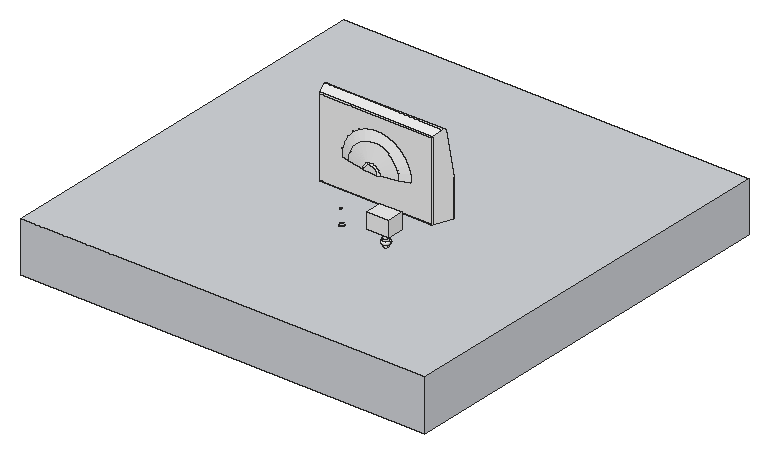
Revit family
Parameters
  Waste Connection Radius = Waste Connection NPT / 2  # 0' - 0 5/8"
  Waste Connection NPT = 1 1/4"
  Waste Connection = yes
  WFU = 0
  Voltage = 120 V
  Vent Connection = yes
  URL = "http://www.totousa.com"
  Sink Material = Fireclay
  Shipping Weight = 61.00 lbf
  Series = "Neorest"
  Product URL = "http://www.totousa.com/Default.aspx?TabId=75&ProductId=b2664eff-20de-4aec-bf9e-48c102102f95&SearchId=c0c43037-4d28-4f79-a274-a180bd8088f3&PTab=2&STab=0"
  Number of Poles = 1
  Nominal Width = 2' - 5 1/2"  # constant formula
  Nominal Height = 0' - 4 3/4"  # constant formula
  Nominal Depth = 1' - 7 5/8"  # constant formula
  Model = "LFC991G"
  Manufacturer = "TOTO"
  Hot Water Connection Radius = Hot Water Connection NPT / 2  # 0' - 0 1/4"
  Hot Water Connection NPT = 1/2"
  HWFU = 0
  HW Connection = yes
  Frequency = 60 Hz
  Flow Pressure [instance] = 0.00 psi
  Faucet Material = Polished Chrome
  Description = "Lavatory with Faucet and Control"
  Default Elevation = 2' - 10"
  Current [instance] = 0 A
  Cold Water Connection Radius = Cold Water Connection NPT / 2  # 0' - 0 1/4"
  Cold Water Connection NPT = 1/2"
  CWFU = 0
  CW Connection = yes
  CADworks URL = "http://www.CADworks.net"
  Assembly Code = "D2010310"
  Apparent Power [instance] = Voltage * Current  # 0 VA
  ADA Compliant = yes
Reference planes (in)
  plane 1 "Center (Front/Back)": y = 0
  plane 2: z = 0
  plane 3 "Center (Left/Right)": x = 0
  plane 4: x = 14.75
  plane 5: x = -14.75
  plane 6 "Default Elevation": y = 2.375
  plane 7: y = -2.375
  plane 8: z = 19.625
  plane 9: z = 7.25
  plane 10: y = -12.625
  plane 11: y = -7.875
  plane 12: x = 4
  plane 13: x = -4
  plane 14: z = 3.58973
  plane 15: z = 18.21473
  plane 16: x = 13.75
  plane 17: x = -13.75
  plane 18: z = 4.58973
  plane 19: z = 19.21473
  plane 20: y = -15
  plane 21: x = 11.5
  plane 22: y = -13.875
Forms (in)
  Extrusion 1, solid
    sketch origin (0, 0, 0) x (1, 0, 0) y (0, 1, 0)
      loop
        line (-48, 48) -> (-48, -48) -> (48, -48) -> (48, 48) -> (-48, 48)
    from 0 to -12
  Extrusion 2, solid, material "Fireclay" <- "Sink Material"
    sketch origin (1.5, -0.09905, 0.00114) x (0, 1, 0) y (0, 0, 1)
      loop
        arc (-2.27595, 0.12839) -> (-2.23801, 0.0368) -> (-2.14642, -0.00114) r 0.12954
        line (-2.14642, -0.00114) -> (2.34451, -0.00114)
        arc (2.34451, -0.00114) -> (2.4361, 0.0368) -> (2.47405, 0.12839) r 0.12954
        line (2.47405, 0.12839) -> (2.47405, 3.29894)
        arc (2.47405, 3.29894) -> (1.98023, 11.3834) -> (0.50613, 19.34766) r 66.424
        arc (0.50613, 19.34766) -> (0.30426, 19.60713) -> (-0.02356, 19.63187) r 0.40571
        line (-0.02356, 19.63187) -> (-2.16052, 18.87157)
        arc (-2.16052, 18.87157) -> (-2.24419, 18.80808) -> (-2.27595, 18.70797) r 0.17364
        line (-2.27595, 18.70797) -> (-2.27595, 0.12839)
    from 13.25 to -16.25
  Extrusion 3, void
    sketch origin (0, 0, 0) x (1, 0, 0) y (0, 1, 0)
      loop
        line (-14.81007, 3.375) -> (-14.81007, -3.03336) -> (16.06493, -3.03336) -> (16.06493, 3.375) -> (-14.81007, 3.375)
      loop
        arc (-13.43072, -2.32102) -> (-13.35519, -2.40545) -> (-13.24632, -2.43679) r 0.20473
        line (-13.24632, -2.43679) -> (13.1423, -2.43679)
        arc (13.1423, -2.43679) -> (13.2348, -2.40321) -> (13.28419, -2.31809) r 0.14415
        line (13.28419, -2.31809) -> (14.73754, 2.13499)
        arc (14.73754, 2.13499) -> (14.71153, 2.29942) -> (14.56321, 2.375) r 0.18332
        line (14.56321, 2.375) -> (-14.50968, 2.375)
        arc (-14.50968, 2.375) -> (-14.71395, 2.25337) -> (-14.70435, 2.01582) r 0.23234
        line (-14.70435, 2.01582) -> (-13.43072, -2.32102)
    from 25.03885 to 0
  Extrusion 4, void
    sketch origin (-0.29688, 0, 1) x (1, 0, 0) y (0, 0, 1)
      loop
        arc (13.45154, 17.52484) -> (13.337, 17.77751) -> (13.07955, 17.88086) r 0.37235
        line (13.07955, 17.88086) -> (-12.47996, 17.88086)
        arc (-12.47996, 17.88086) -> (-12.74572, 17.77415) -> (-12.86388, 17.51328) r 0.38429
        line (-12.86388, 17.51328) -> (-13.45244, 3.98638)
        arc (-13.45244, 3.98638) -> (-13.34725, 3.70698) -> (-13.07268, 3.58973) r 0.38012
        line (-13.07268, 3.58973) -> (13.66356, 3.58973)
        arc (13.66356, 3.58973) -> (13.93995, 3.70779) -> (14.04577, 3.98909) r 0.38258
        line (14.04577, 3.98909) -> (13.45154, 17.52484)
    from 0.67462 to -2.375
  Extrusion 5, solid, material "Polished Chrome" <- "Faucet Material"
    sketch origin (0, -1.04816, 0) x (1, 0, 0) y (0, 0, 1)
      loop
        line (-1.62049, 8.14734) -> (-1.62049, 5.85334)
        arc (-1.62049, 5.85334) -> (-1.51383, 5.59584) -> (-1.25633, 5.48918) r 0.36417
        line (-1.25633, 5.48918) -> (1.1558, 5.48918)
        arc (1.1558, 5.48918) -> (1.42012, 5.59866) -> (1.5296, 5.86298) r 0.3738
        line (1.5296, 5.86298) -> (1.5296, 8.12935)
        arc (1.5296, 8.12935) -> (1.41933, 8.39557) -> (1.15311, 8.50585) r 0.37649
        line (1.15311, 8.50585) -> (-1.26199, 8.50585)
        arc (-1.26199, 8.50585) -> (-1.51549, 8.40084) -> (-1.62049, 8.14734) r 0.35851
    from 0.97244 to 0.91155
  Extrusion 6, solid, material "Polished Chrome" <- "Faucet Material", detail levels fine
    sketch origin (0, 0, 0) x (1, 0, 0) y (0, 1, 0)
      loop
        circle (0, -12.625) r 0.625
    from 0 to -0.25
  Extrusion 7, solid, material "Polished Chrome" <- "Faucet Material", detail levels fine
    sketch origin (0, 0, -1.99736) x (1, 0, 0) y (0, 1, 0)
      loop
        circle (-4, -7.875) r 0.25
      loop
        circle (4, -7.875) r 0.25
    from 1.74736 to 1.99736
  Extrusion 8, solid, material "Control Box", detail levels medium+fine
    sketch origin (-4, 0, 2.08973) x (1, 0, 0) y (0, 1, 0)
      loop
        line (17, -15) -> (17, -10.9881) -> (11.75, -10.9881) -> (11.75, -15) -> (17, -15)
    from 0.7541 to 4.41027
  Revolve 9, solid, material "Control Box", detail levels medium+fine
    sketch origin (0, -13.875, -24) x (0, 0, 1) y (1, 0, 0)
      loop
        line (26.84384, 11.5) -> (24, 11.5) -> (24, 11) -> (24.75, 11) -> (24.75, 10.75)
        arc (24.75, 10.75) -> (25, 10.5) -> (25.25, 10.75) r 0.25
        line (25.25, 10.75) -> (25.25, 11) -> (25.5, 11) -> (25.5, 10.75) -> (25.75, 10.75) -> (25.75, 11) -> (26.84384, 11) -> (26.84384, 11.5)
      axis (26.84384, 11.5) -> (24, 11.5)
    angle from 0 to 360
  Revolve 10, solid, material "Fireclay" <- "Sink Material"
    sketch origin (-100.9734, -180, 7.25) x (0, -1, 0) y (1, 0, 0)
      loop
        line (-175.92514, 100.9734) -> (-177.625, 100.9734) -> (-177.625, 92.68193) -> (-176.83916, 94.9668) -> (-176.16854, 98.9497)
        arc (-176.16854, 98.9497) -> (-176.062, 99.1798) -> (-175.92514, 99.39327) r 1.85945
        line (-175.92514, 99.39327) -> (-175.92514, 100.9734)
      axis (-175.92514, 100.97625) -> (-177.625, 100.97625)
    angle from 0 to -180
  Extrusion 11, void
    sketch origin (0, 0.07812, 0) x (1, 0, 0) y (0, 1, 0)
      loop
        arc (-13.74968, -0.73712) -> (-0.00021, -2.21059) -> (13.74926, -0.73712) r 64.88745
        line (13.74926, -0.73712) -> (-13.74968, -0.73712)
    from 18.88086 to 4.58973
  Extrusion 12, solid, material "Polished Chrome" <- "Faucet Material"
    sketch origin (0, 0, 0) x (0, 1, 0) y (0, 0, 1)
      loop
        line (1.5098, 4.74102) -> (1.5098, 4.58973) -> (2.375, 4.58973) -> (2.375, 1.83972) -> (2.68426, 1.83972) -> (2.68426, 4.74102) -> (1.5098, 4.74102)
    from 2.33385 to -2.33385
Cuts and joins
  Extrusion 3, Extrusion 4, Extrusion 11 cuts Extrusion 2
Lines and regions (in)
  Masking region 1
    outline origin (0, -15, -24) x (0, 0, 1) y (1, 0, 0)
      loop
        spline (43.35681, 14.17311) -> (42.46421, 14.24357) -> (41.56842, 14.30999) -> (40.66961, 14.37237) -> (39.76797, 14.4307) -> (38.8637, 14.48496) -> (37.95699, 14.53513) -> (37.04802, 14.58122) -> (36.137, 14.62321) -> (35.2241, 14.66109) -> (34.30953, 14.69485) -> (33.39347, 14.72449) -> (32.47612, 14.75)
        line (32.47612, 14.75) -> (24, 14.75) -> (24, -14.70435) -> (34.19842, -14.70435)
        spline (34.19842, -14.70435) -> (34.97112, -14.6793) -> (35.74269, -14.65161) -> (36.513, -14.62127) -> (37.28195, -14.5883) -> (38.04942, -14.5527) -> (38.81529, -14.51447) -> (39.57946, -14.47362) -> (40.34181, -14.43015) -> (41.10223, -14.38408) -> (41.86061, -14.33541) -> (42.61683, -14.28414) -> (43.37078, -14.23029)
        spline (43.37078, -14.23029) -> (43.42363, -14.22395) -> (43.47296, -14.21565) -> (43.51788, -14.20555) -> (43.55757, -14.19383) -> (43.59131, -14.18071) -> (43.61847, -14.16643) -> (43.63856, -14.15124) -> (43.65122, -14.13542) -> (43.65621, -14.11927) -> (43.65345, -14.10308) -> (43.64298, -14.08714) -> (43.625, -14.07174)
        line (43.625, -14.07174) -> (43.625, 13.9961)
        spline (43.625, 13.9961) -> (43.64318, 14.01348) -> (43.65353, 14.03146) -> (43.65588, 14.04972) -> (43.65017, 14.0679) -> (43.63652, 14.08567) -> (43.61517, 14.10269) -> (43.58653, 14.11866) -> (43.55113, 14.13327) -> (43.50964, 14.14624) -> (43.46282, 14.15734) -> (43.41156, 14.16635) -> (43.35681, 14.17311)
  symbolic lines
    curve 1: line (13.36669, 2.375, 4.58973) -> (2.32666, 2.375, 4.58973)
    curve 2: line (-13.74932, 2.375, 4.98638) -> (-13.16076, 2.375, 18.51328)
    curve 3: arc (-13.74932, 2.375, 4.98638) -> (-13.64412, 2.375, 4.70698) -> (-13.36956, 2.375, 4.58973) r 0.38012
    curve 4: arc (-12.77683, 2.375, 18.88086) -> (-13.04259, 2.375, 18.77415) -> (-13.16076, 2.375, 18.51328) r 0.38429
    curve 5: line (-12.77683, 2.375, 18.88086) -> (12.78267, 2.375, 18.88086)
    curve 6: arc (13.15466, 2.375, 18.52484) -> (13.04012, 2.375, 18.77751) -> (12.78267, 2.375, 18.88086) r 0.37235
    curve 7: line (13.15466, 2.375, 18.52484) -> (13.7489, 2.375, 4.98909)
    curve 8: arc (13.36669, 2.375, 4.58973) -> (13.64308, 2.375, 4.70779) -> (13.7489, 2.375, 4.98909) r 0.38258
    curve 9: line (1.5296, 2.375, 8.12935) -> (1.5296, 2.375, 5.86298)
    curve 10: arc (1.1558, 2.375, 5.48918) -> (1.42012, 2.375, 5.59866) -> (1.5296, 2.375, 5.86298) r 0.3738
    curve 11: line (1.1558, 2.375, 5.48918) -> (-1.25633, 2.375, 5.48918)
    curve 12: arc (-1.62049, 2.375, 5.85334) -> (-1.51383, 2.375, 5.59584) -> (-1.25633, 2.375, 5.48918) r 0.36417
    curve 13: line (-1.62049, 2.375, 5.85334) -> (-1.62049, 2.375, 8.14734)
    curve 14: arc (-1.26199, 2.375, 8.50585) -> (-1.51549, 2.375, 8.40084) -> (-1.62049, 2.375, 8.14734) r 0.35851
    curve 15: line (-1.26199, 2.375, 8.50585) -> (1.15311, 2.375, 8.50585)
    curve 16: arc (1.5296, 2.375, 8.12935) -> (1.41933, 2.375, 8.39557) -> (1.15311, 2.375, 8.50585) r 0.37649
    curve 17: line (-2.11803, 2.375, 4.74102) -> (2.12875, 2.375, 4.74102)
    curve 18: arc (2.33385, 2.375, 4.53592) -> (2.27378, 2.375, 4.68095) -> (2.12875, 2.375, 4.74102) r 0.20509
    curve 19: line (2.33385, 2.375, 4.53592) -> (2.33385, 2.375, 1.96329)
    curve 20: arc (2.21028, 2.375, 1.83972) -> (2.29766, 2.375, 1.87591) -> (2.33385, 2.375, 1.96329) r 0.12356
    curve 21: line (2.21028, 2.375, 1.83972) -> (-2.23798, 2.375, 1.83972)
    curve 22: arc (-2.33385, 2.375, 1.93559) -> (-2.30577, 2.375, 1.8678) -> (-2.23798, 2.375, 1.83972) r 0.09587
    curve 23: line (-2.33385, 2.375, 1.93559) -> (-2.33385, 2.375, 4.5252)
    curve 24: arc (-2.11803, 2.375, 4.74102) -> (-2.27064, 2.375, 4.6778) -> (-2.33385, 2.375, 4.5252) r 0.21582
    curve 25: line (-2.32397, 2.375, 4.58973) -> (-13.36956, 2.375, 4.58973)
Dimensions and locks (in)
  level to plane 8 = 1' - 7 5/8"  (x2)
  plane 5 to plane 4 = 2' - 5 1/2"  (x3)
  plane 6 "Default Elevation" to plane 7 = 0' - 4 3/4"
  plane 7 to plane 6 "Default Elevation" = 0' - 4 3/4"
  plane 9 to level = 0' - 7 1/4"
  plane 6 "Default Elevation" to plane 11 = 0' - 10 1/4"
  plane 13 to plane 12 = 0' - 8"
  plane 8 to level = 1' - 7 5/8"
  plane 11 to plane 6 "Default Elevation" = 0' - 10 1/4"
  plane 16 to plane 17 = 2' - 3 1/2"  (x2)
  level to Extrusion 4 sketch curve to Extrusion 4 sketch curve = 0' - 4.58973" locked, 1' - 2.29113" locked
  plane 8 to Extrusion 4 sketch curve = 0' - 0.74414"
  locked: Extrusion 3 sketch curve to Extrusion 3 sketch curve at 1
  locked: Extrusion 3 sketch curve to Extrusion 3 sketch curve at 30.875
  locked: Extrusion 3 sketch curve to Extrusion 3 sketch curve at 1.52418
  locked: cut or joined group of Extrusion 2, Extrusion 3, Extrusion 4, Extrusion 11 to Extrusion 5 sketch curve at 10.37501
  plane 19 to plane 18 = 1' - 2 5/8"  (x2)
  locked: Extrusion 2 sketch curve to Extrusion 2 sketch curve at 4.75
  locked: Extrusion 3 sketch curve to Extrusion 3 sketch curve at 0.09805
  locked: Extrusion 3 sketch curve to Extrusion 3 sketch curve at 0.59656
  Extrusion 3 sketch curve to Extrusion 3 sketch curve = 0' - 1.52418"
  Extrusion 3 sketch curve to Extrusion 3 sketch curve = 0' - 4.81179"
  plane 17 to plane 16 = 2' - 3 1/2"
  plane 18 to plane 19 = 1' - 2 5/8"
  Extrusion 1 to plane 9 = 0' - 7 1/4"
  plane 12 to plane 13 = 0' - 8"
  plane 10 to plane 11 = 0' - 4 3/4"
  plane 3 "Center (Left/Right)" to Extrusion 8 to Extrusion 8 = 0' - 7 3/4" locked, 0' - 5 1/4" locked
  locked: Extrusion 8 to plane 20 at 4.0119
  Extrusion 8 to Extrusion 8 to plane 2 = 0' - 3.65616" locked, 0' - 2.84384" locked
  locked: Extrusion 6 to plane 2 at 0.25
  locked: Extrusion 4 sketch curve to Extrusion 4 sketch curve at 0.37976
  locked: Extrusion 4 sketch curve to plane 19 at 0.70146
  locked: Extrusion 4 sketch curve to Extrusion 4 sketch curve at 0.38392
  locked: Extrusion 4 sketch curve to plane 16 at 0.96733
  locked: Extrusion 4 sketch curve to plane 19 at 0.68989
  locked: level to Extrusion 4 sketch curve at 4.97231
  locked: Extrusion 4 sketch curve to plane 16 at 0.0011
  locked: Extrusion 6 sketch curve to plane 3 "Center (Left/Right)" at 0
  locked: Extrusion 6 sketch curve to plane 10 at 0
  locked: Extrusion 7 sketch curve to plane 11 at 0  (x2)
  locked: Extrusion 7 sketch curve to plane 13 at 0
  locked: Extrusion 7 sketch curve to plane 12 at 0
  locked: Extrusion 11 sketch curve to plane 1 "Center (Front/Back)" at 0.659
  locked: Extrusion 11 sketch curve to plane 1 "Center (Front/Back)" at 2.13247
  Extrusion 11 sketch curve to plane 3 "Center (Left/Right)" to Extrusion 11 sketch curve = 1' - 1.74968" locked, 1' - 1.74926" locked
  locked: Extrusion 4 sketch curve to Extrusion 4 sketch curve at 0.38012
  locked: Extrusion 4 sketch curve to Extrusion 4 sketch curve at 0.38221
  locked: plane 17 to Extrusion 4 sketch curve at 0.38044
  plane 1 "Center (Front/Back)" to Extrusion 5 to Extrusion 5 = 0' - 1.95971" locked, 0' - 0.06088" locked
  locked: Revolve 10 to plane 7 at 1.69986
  locked: plane 6 "Default Elevation" to cut or joined group of Extrusion 2, Extrusion 3, Extrusion 4, Extrusion 11 at 1.85321
  locked: cut or joined group of Extrusion 2, Extrusion 3, Extrusion 4, Extrusion 11 to plane 6 "Default Elevation" at 3.034
  locked: plane 6 "Default Elevation" to cut or joined group of Extrusion 2, Extrusion 3, Extrusion 4, Extrusion 11 at 3.034
  locked: cut or joined group of Extrusion 2, Extrusion 3, Extrusion 4, Extrusion 11 to cut or joined group of Extrusion 2, Extrusion 3, Extrusion 4, Extrusion 11 at 0
  locked: cut or joined group of Extrusion 2, Extrusion 3, Extrusion 4, Extrusion 11 to plane 6 "Default Elevation" at 3.04962
  equal spacing: Extrusion 12, plane 3 "Center (Left/Right)", Extrusion 12, locked at 2.33385 each
  locked: plane 6 "Default Elevation" to Extrusion 12 at 0.30926
  Revolve 9 sketch curve to Revolve 9 sketch curve to Revolve 9 sketch curve to Revolve 9 sketch curve to Revolve 9 sketch curve to Revolve 9 sketch curve = 0' - 1.09384" locked, 0' - 0 1/4" locked, 0' - 0 1/4" locked, 0' - 0 1/2" locked, 0' - 0 3/4" locked
  "Waste Connection Radius": radius of Extrusion 6 sketch curve
  radius of Extrusion 4 sketch curve = 0' - 0.37235"
  radius of Extrusion 2 sketch curve = 5' - 6.424"
  "Hot Water Connection Radius": radius of Extrusion 7 sketch curve
  "Cold Water Connection Radius": radius of Extrusion 7 sketch curve
  aligned and locked: plane 2 to Extrusion 1
  aligned and locked: level to Extrusion 1
  aligned and locked: Extrusion 2 to Extrusion 4
  aligned and locked: Extrusion 2 to plane 4
  aligned and locked: plane 5 to Extrusion 2
  aligned and locked: Extrusion 7 to Extrusion 6
  aligned and locked: Extrusion 8 to plane 20
  aligned and locked: Revolve 9 sketch curve to plane 21
  aligned and locked: plane 1 "Center (Front/Back)" to Extrusion 4 sketch curve
  aligned and locked: Masking region 1 sketch curve to cut or joined group of Extrusion 2, Extrusion 3, Extrusion 4, Extrusion 11
  aligned and locked: curve 8 to cut or joined group of Extrusion 2, Extrusion 3, Extrusion 4, Extrusion 11  (x2)
  aligned and locked: curve 10 to Extrusion 5
  aligned and locked: curve 12 to Extrusion 5
  aligned and locked: curve 16 to Extrusion 5
  aligned and locked: curve 14 to Extrusion 5
  aligned and locked: curve 3 to cut or joined group of Extrusion 2, Extrusion 3, Extrusion 4, Extrusion 11
  aligned and locked: curve 4 to cut or joined group of Extrusion 2, Extrusion 3, Extrusion 4, Extrusion 11
  aligned and locked: curve 6 to cut or joined group of Extrusion 2, Extrusion 3, Extrusion 4, Extrusion 11
  aligned and locked: Extrusion 12 to plane 6 "Default Elevation"
  aligned and locked: Extrusion 12 to plane 18
  aligned and locked: curve 23 to Extrusion 12
  aligned and locked: curve 19 to Extrusion 12
  aligned and locked: curve 17 to Extrusion 12
  aligned and locked: curve 21 to Extrusion 12
  aligned and locked: Revolve 9 to Extrusion 8  (x2)
  aligned and locked: plane 2 to Revolve 9
  aligned and locked: plane 4 to Masking region 1 sketch curve
  aligned and locked: plane 8 to Masking region 1 sketch curve
  aligned and locked: cut or joined group of Extrusion 2, Extrusion 3, Extrusion 4, Extrusion 11 to Revolve 10
  aligned and locked: plane 9 to Revolve 10
  aligned and locked: Revolve 10 to plane 9  (x3)
Automatic sketch dimensions
  Extrusion 1 sketch curve to Extrusion 1 sketch curve = 8' - 0"  (x2)
  Extrusion 2 sketch curve to level = 0' - 0"
  plane 7 to Extrusion 2 sketch curve = 0' - 0.11544"
  plane 7 to Extrusion 2 sketch curve = 0' - 0.12954"
  Extrusion 2 sketch curve to Extrusion 2 sketch curve = 0' - 0.17364"
  Extrusion 2 sketch curve to plane 8 = 0' - 0.00801"
  plane 1 "Center (Front/Back)" to Extrusion 2 sketch curve = 0' - 0.1226"
  Extrusion 2 sketch curve to plane 1 "Center (Front/Back)" = 0' - 0.01339"
  plane 19 to Extrusion 2 sketch curve = 0' - 0.13407"
  Extrusion 2 sketch curve to Extrusion 2 sketch curve = 0' - 0.39369"
  level to Extrusion 2 sketch curve = 0' - 0.12954"
  plane 15 to Extrusion 2 sketch curve = 0' - 0.49438"
  Extrusion 3 sketch curve to plane 6 "Default Elevation" = 0' - 0"
  plane 5 to Extrusion 3 sketch curve = 0' - 0.06007"
  Extrusion 3 sketch curve to plane 5 = 0' - 0.04565"
  Extrusion 3 sketch curve to plane 5 = 0' - 0.24032"
  plane 7 to Extrusion 3 sketch curve = 0' - 0.05398"
  Extrusion 3 sketch curve to Extrusion 3 sketch curve = 0' - 1.37935"
  Extrusion 3 sketch curve to Extrusion 3 sketch curve = 0' - 0.18439"
  Extrusion 3 sketch curve to plane 16 = 0' - 0.6077"
  plane 7 to Extrusion 3 sketch curve = 0' - 0.05691"
  Extrusion 3 sketch curve to Extrusion 3 sketch curve = 0' - 0.14188"
  Extrusion 3 sketch curve to plane 6 "Default Elevation" = 0' - 0.18332"
  Extrusion 3 sketch curve to Extrusion 3 sketch curve = 0' - 1.50172"
  plane 17 to Extrusion 4 sketch curve = 0' - 0.58924"
  Extrusion 5 sketch curve to plane 3 "Center (Left/Right)" = 0' - 1.62049"
  Extrusion 5 sketch curve to Extrusion 5 sketch curve = 0' - 0.35851"
  Extrusion 5 sketch curve to Extrusion 5 sketch curve = 0' - 0.36417"
  Extrusion 5 sketch curve to Extrusion 5 sketch curve = 0' - 0.3738"
  Extrusion 8 sketch curve to plane 20 = 0' - 0"
  plane 12 to Extrusion 8 sketch curve = 0' - 3 3/4"
  Extrusion 8 sketch curve to plane 16 = 0' - 0 3/4"
  level to Revolve 9 sketch curve = 0' - 0"
  Revolve 9 sketch curve to plane 21 = 0' - 0"
  Revolve 9 sketch curve to Revolve 9 sketch curve = 0' - 0 1/4"  (x3)
  Revolve 9 sketch curve to plane 18 = 0' - 0.4959"
  Revolve 9 sketch curve to Revolve 9 sketch curve = 0' - 0 1/2"
  Revolve 9 sketch curve to Revolve 9 sketch curve = 0' - 0"
  Revolve 9 sketch curve to plane 21 = 0' - 0 1/2"
  Revolve 10 sketch curve to plane 3 "Center (Left/Right)" = 0' - 0"
  plane 3 "Center (Left/Right)" to Revolve 10 sketch curve = 0' - 0.00285"
  plane 6 "Default Elevation" to Revolve 10 sketch curve = 0' - 2.06531"
  Revolve 10 sketch curve to plane 1 "Center (Front/Back)" = 0' - 0.44031"
  plane 7 to Revolve 10 sketch curve = 0' - 0"
  Revolve 10 sketch curve to plane 7 = 0' - 0.78584"
  Revolve 10 sketch curve to plane 7 = 0' - 1.45646"
  Revolve 10 sketch curve to Revolve 10 sketch curve = 0' - 0.2434"
  Revolve 10 sketch curve to Revolve 10 sketch curve = 0' - 1.73671"
  Revolve 10 sketch curve to plane 3 "Center (Left/Right)" = 0' - 1.58013"
  Revolve 10 sketch curve to Revolve 10 sketch curve = 0' - 0.44357"
  Revolve 10 sketch curve to plane 13 = 0' - 2.00659"
  Revolve 10 sketch curve to Revolve 10 sketch curve = 0' - 2.28487"
  Extrusion 5 sketch curve to Extrusion 5 sketch curve = 0' - 0.37649"
  plane 3 "Center (Left/Right)" to Extrusion 5 sketch curve = 0' - 1.15311"
  plane 18 to Extrusion 5 sketch curve = 0' - 1.27325"
  plane 6 "Default Elevation" to Extrusion 11 sketch curve = 5' - 0.37999"
  plane 10 to Extrusion 8 sketch curve = 0' - 1.6369"
  Masking region 1 sketch curve to level = 0' - 0"
  Masking region 1 sketch curve to plane 14 = 0' - 0.31818"
  Masking region 1 sketch curve to plane 14 = 0' - 0.31679"
  Masking region 1 sketch curve to plane 9 = 0' - 1.22612"
  Masking region 1 sketch curve to plane 9 = 0' - 2.94842"
  plane 19 to Masking region 1 sketch curve = 0' - 0.01021"
  plane 19 to Masking region 1 sketch curve = 0' - 0.01652"
  plane 19 to Masking region 1 sketch curve = 0' - 0.14207"
  plane 19 to Masking region 1 sketch curve = 0' - 0.15605"
  Masking region 1 sketch curve to Masking region 1 sketch curve = 0' - 0.03106"
  Masking region 1 sketch curve to Masking region 1 sketch curve = 0' - 0.0313"
  Masking region 1 sketch curve to plane 13 = 0' - 0.86269"
  Masking region 1 sketch curve to plane 8 = 3' - 11.07544"
  Masking region 1 sketch curve to plane 12 = 0' - 0.78048"
  Masking region 1 sketch curve to Masking region 1 sketch curve = 0' - 0.55727"
  Masking region 1 sketch curve to Masking region 1 sketch curve = 0' - 0.11335"
  plane 16 to Masking region 1 sketch curve = 0' - 0 63/256"
  curve 21 to curve 19 = 0' - 0.12356"
  plane 17 to curve 2 = 0' - 0.00068"
  curve 7 to plane 16 = 0' - 0.0011"
  plane 15 to curve 2 = 0' - 0.29854"
  plane 15 to curve 7 = 0' - 0.31011"
  Extrusion 12 sketch curve to plane 18 = 0' - 0"
  Extrusion 12 sketch curve to plane 6 "Default Elevation" = 0' - 0"
  plane 18 to Extrusion 12 sketch curve = 0' - 0.15128"
  Extrusion 12 sketch curve to plane 6 "Default Elevation" = 0' - 0.8652"
  plane 6 "Default Elevation" to Extrusion 12 sketch curve = 0' - 0.30926"
  Extrusion 12 sketch curve to plane 14 = 0' - 1 3/4"
  curve 18 to plane 18 = 0' - 0.05381"
  curve 22 to curve 22 = 0' - 0.09587"
  curve 24 to plane 18 = 0' - 0.06454"
Connectors (in)
  piping at (0, -12.625, 0), driven by "Waste Connection", driven by "WFU", driven by "Waste Connection Radius"
    settings: on Extrusion 6, index 3
  piping at (-4, -7.875, 0), driven by "Hot Water Connection Radius", driven by "Flow Pressure", driven by "HWFU"
    settings: on Extrusion 7, index 4
  electrical at (10.375, -12.99405, 2.84384), driven by "Apparent Power", driven by "Voltage", driven by "Number of Poles"
    settings: on Extrusion 8, index 6
  piping at (4, -7.875, 0), driven by "Cold Water Connection Radius", driven by "CWFU", driven by "Flow Pressure"
    settings: on Extrusion 7, index 7
